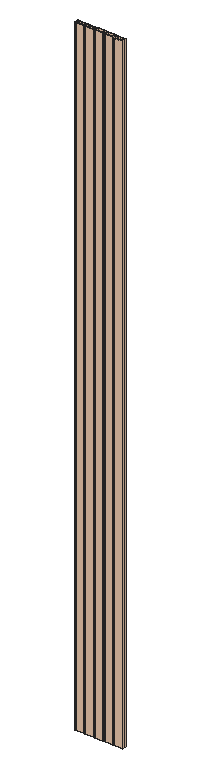
Revit family "Flat profile", category Mechanical Equipment, Revit 2017
Family settings
  Round Connector Dimension = Use Diameter
  Part Type = Normal
  Work Plane-Based = No
  Always vertical = Yes
  Cut with Voids When Loaded = No
  Shared = No
  Room Calculation Point = No
Parameters (values of type "Oak")
  URL = ""
  Single = Panel Number = 1  # no
  Panel Number = 5
  Distance between beam = 5 mm
  Array Number = if(Panel Number = 1, 2, Panel Number)  # 5
  Model = "Flat Profile"
  Manufacturer = "gtoaluminum"
  Height = 3000 mm
  Finish = Wood (Oak)
  Description = "This profile is ideal for both interior and exterior cladding. It is slightly wider than the Click 40, making it suitable for covering more substantial surfaces. It can cover cracks, peelings, and marks on walls without the need for wall treatment. It can be used for pergolas, fences, doors, ceilings, and both interior and exterior walls. It comes in different shades of wood and other colors or can be painted in a custom color. The installation is effortless, and the finishing looks seamless without any noticeable screws or marks."
  Bottom Offset = 50 mm
  Array = not(Single)  # yes
Types (8, lengths in mm): name | Panel Number | Distance between beam | Array Number | Height | Finish
  (no name) | 5 | 5 | 5 | 3000 | Wood (Oak)
  Espresso | 5 | 0 | 5 | 3000 | Espresso
  Oak | 5 | 5 | 5 | 3000 | Wood (Oak)
  Pine | 10 | 0 | 10 | 1000 | Pine, Scots
  Gray | 5 | 5 | 5 | 3000 | Gray
  Charcol | 15 | 5 | 15 | 1500 | Charcol
  Matte | 5 | 5 | 5 | 3000 | Matte
  gloss | 5 | 5 | 5 | 3000 | Gloss
Reference planes
  plane 1 "Center (Front/Back)": y = 0
  plane 2: z = 0
  plane 3 "Center (Left/Right)": x = 0
  plane 4: x = 40
  plane 5: x = 45
Dimensions and locks
  equal spacing: group 1, group 2, group 3, group 4, group 5  (x3)
  locked: plane 3 "Center (Left/Right)" to plane 4 at 40
  "Distance between beam": plane 4 to plane 5
  aligned and locked: level to plane 2
  aligned and locked: plane 3 "Center (Left/Right)" to nested 1
  aligned and locked: plane 3 "Center (Left/Right)" to nested 3
  aligned and locked: plane 5 to nested 2
Nested families
  nested 1: "profile" at (0, 0, 0), visible <- "Array", type "profile"
  nested 2: "profile" at (45, 0, 0), visible <- "Array", type "profile"
  nested 3: "profile" at (0, 0, 0), visible <- "Single", type "profile"
  nested 4: "profile" at (90, 0, 0), visible <- "Array", type "profile"
  nested 5: "profile" at (135, 0, 0), visible <- "Array", type "profile"
  nested 6: "profile" at (180, 0, 0), visible <- "Array", type "profile"
Definition of nested family "profile"
  Parameters (values of type "profile")
    Height = 3000 mm
    Finish = none
    Bottom Offset = 50 mm
  Reference planes
    plane 1 "Center (Front/Back)": y = 0
    plane 2: z = 0
    plane 3 "Center (Left/Right)": x = 0
    plane 4: z = 3000
    plane 5: z = 50
  Forms (mm)
    Extrusion 1, solid, material <- "Finish"
      sketch origin (-100, 1.4, 0) x (1, 0, 0) y (0, 1, 0)
        loop
          line (138.8, 15.4) -> (101.2, 15.4) -> (101.2, 10.3) -> (106.2, 10.3) -> (106.2, 4.9) -> (101.2, 4.9) -> (101.2, -0.2) -> (138.8, -0.2) -> (138.8, 4.9) -> (133.8, 4.9) -> (133.8, 10.3) -> (138.8, 10.3) -> (138.8, 15.4)
        loop
          line (140, 16.6) -> (100, 16.6) -> (100, 9.1) -> (105, 9.1) -> (105, 6.1) -> (100, 6.1) -> (100, -1.4) -> (140, -1.4) -> (140, 6.1) -> (135, 6.1) -> (135, 9.1) -> (140, 9.1) -> (140, 16.6)
      from 50 to 3000
  Dimensions and locks
    "Height": plane 4 to plane 2
    "Bottom Offset": plane 5 to level
    aligned and locked: level to plane 2
    aligned and locked: Extrusion 1 to plane 4
    aligned and locked: plane 5 to Extrusion 1
  Automatic sketch dimensions
    Extrusion 1 sketch curve to plane 3 "Center (Left/Right)" = 0 mm  (x2)
    plane 1 "Center (Front/Back)" to Extrusion 1 sketch curve = 0 mm
    plane 3 "Center (Left/Right)" to Extrusion 1 sketch curve = 1.2 mm  (x2)
    Extrusion 1 sketch curve to Extrusion 1 sketch curve = 3.8 mm  (x2)
    Extrusion 1 sketch curve to Extrusion 1 sketch curve = 1.2 mm  (x9)
    Extrusion 1 sketch curve to plane 1 "Center (Front/Back)" = 6.3 mm  (x2)
    Extrusion 1 sketch curve to Extrusion 1 sketch curve = 27.6 mm
    Extrusion 1 sketch curve to plane 1 "Center (Front/Back)" = 1.2 mm
    Extrusion 1 sketch curve to Extrusion 1 sketch curve = 5 mm
    Extrusion 1 sketch curve to Extrusion 1 sketch curve = 3 mm  (x2)
    Extrusion 1 sketch curve to Extrusion 1 sketch curve = 5.1 mm
